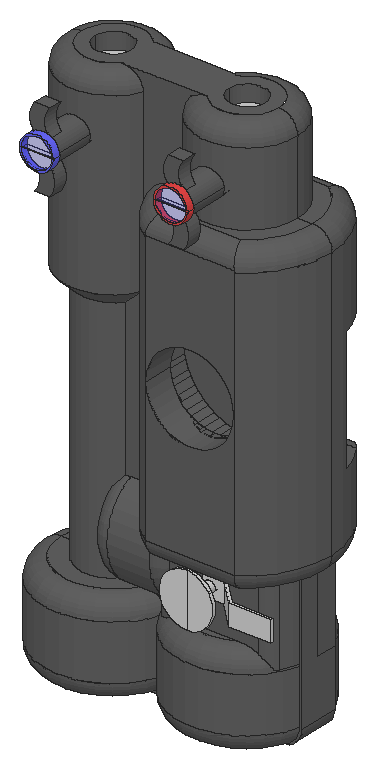
Revit family "R586RFL_151-163", category Pipe Accessories, Revit 2025
Family settings
  Round Connector Dimension = Use Diameter
  Part Type = Normal
  Work Plane-Based = No
  Always vertical = No
  Cut with Voids When Loaded = No
  Shared = No
Parameters (values of type "R586RY163")
  Series = "R586RFL"  # constant formula
  Punp visibility = no
  Nominal Diameter = 40 mm  # constant formula
  Model = Code  # "R586RY163"
  Mixing Diverting Valve Insulation = yes
  Maximum Working Temperature = -273.15 °C
  Manufacturer = "Giacomini"  # constant formula
  Flow Supply [instance] = 0.0 L/s
  Flow Return [instance] = 0.0 L/s
  Electric Actuator [instance] = no
  Description = "Gruppi premontati di distribuzione/regolazione, attacchi flangiati"  # constant formula
  Default Elevation = 0 mm
  Code = "R586RY163"
  63-53 = yes
Types (5, lengths in mm): name | Punp visibility | Model | Code | 63-53
  (no name) | no | "R586RY163" | "R586RY163" | yes
  R586RY151 | yes | "R586RY151" | "R586RY151" | no
  R586RY153 | yes | "R586RY153" | "R586RY153" | yes
  R586RY161 | no | "R586RY161" | "R586RY161" | no
  R586RY163 | no | "R586RY163" | "R586RY163" | yes
Reference planes
  plane 1 "Center (Front/Back)": y = 0
  plane 2: z = 0
  plane 3 "Center (Left/Right)": x = 0
  plane 4: x = 160
  plane 5: y = 24.5
  plane 6: y = -24.5
  plane 7: z = 592.5
  plane 8: y = -41.7
  plane 9: y = -70.041
  plane 10: z = 373.5
  plane 11: y = -91.2
  plane 12: z = 172.5
  plane 13: z = 147.5
Forms (mm)
  Revolve 1, solid, material "Black - Giacomini"
    sketch origin (0, 0, 0) x (1, 0, 0) y (0, 0, 1)
      loop
        line (-27, 0) -> (-27, 22) -> (-64.5, 22) -> (-64.5, 73.5) -> (0, 73.5) -> (0, 640.74) -> (-22, 640.74) -> (-22, 660) -> (-37.5, 660)
        arc (-37.5, 660) -> (-53.41, 653.41) -> (-60, 637.5) r 22.5
        line (-60, 637.5) -> (-60, 424.5) -> (-41, 405.5) -> (-41, 111) -> (-62, 111)
        arc (-62, 111) -> (-77.91, 104.41) -> (-84.5, 88.5) r 22.5
        line (-84.5, 88.5) -> (-84.5, 22.5)
        arc (-84.5, 22.5) -> (-77.91, 6.59) -> (-62, 0) r 22.5
        line (-62, 0) -> (-27, 0)
      axis (0, 660) -> (0, 0)
    angle from 0 to 360
  Revolve 2, solid, material "Black - Giacomini"
    sketch origin (0, 0, 0) x (1, 0, 0) y (0, 0, 1)
      loop
        line (187, 0) -> (222, 0)
        arc (222, 0) -> (237.91, 6.59) -> (244.5, 22.5) r 22.5
        line (244.5, 22.5) -> (244.5, 88.5)
        arc (244.5, 88.5) -> (237.91, 104.41) -> (222, 111) r 22.5
        line (222, 111) -> (205, 111) -> (205, 282.8) -> (217.348, 282.8) -> (217.348, 348)
        arc (217.348, 348) -> (200.53, 388.428) -> (160, 404.999) r 57
        line (160, 404.999) -> (160, 70) -> (224.5, 70) -> (224.5, 22) -> (187, 22) -> (187, 0)
      loop
        line (220, 550) -> (220, 637.5)
        arc (220, 637.5) -> (213.41, 653.41) -> (197.5, 660) r 22.5
        line (197.5, 660) -> (182, 660) -> (182, 640.7) -> (160, 640.7) -> (160, 550) -> (220, 550)
      axis (160, 660) -> (160, 0)
    angle from 0 to 360
  Extrusion 3, solid, material "Black - Giacomini"
    sketch origin (0, 0, 0) x (1, 0, 0) y (0, 0, 1)
      loop
        line (28.39, 660) -> (28.39, 620) -> (0, 620) -> (0, 85) -> (56, 85) -> (56, 0) -> (95, 0) -> (95, 90) -> (210, 90) -> (210, 75) -> (232.145, 75) -> (232.145, 15) -> (210, 15) -> (210, 0) -> (222, 0)
        arc (222, 0) -> (237.91, 6.59) -> (244.5, 22.5) r 22.5
        line (244.5, 22.5) -> (244.5, 210) -> (160, 210) -> (160, 620) -> (131.61, 620) -> (131.61, 660) -> (28.39, 660)
    from -24.5 to 24.5
  Revolve 4, solid, material "Black - Giacomini"
    sketch origin (0, 0, 0) x (1, 0, 0) y (0, 0, 1)
      loop
        line (160, 550) -> (160, 181) -> (238.5, 181)
        arc (238.5, 181) -> (254.41, 187.59) -> (261, 203.5) r 22.5
        line (261, 203.5) -> (261, 527.5)
        arc (261, 527.5) -> (254.41, 543.41) -> (238.5, 550) r 22.5
        line (238.5, 550) -> (160, 550)
      axis (160, 550) -> (160, 181)
    angle from 0 to 360
  Extrusion 5, void
    sketch origin (0, 0, 0) x (0, 1, 0) y (0, 0, 1)
      loop
        line (-64.752, 550) -> (-131.5, 550) -> (-131.5, 181) -> (-63.59, 181)
        arc (-63.59, 181) -> (-79.306, 187.51) -> (-85.816, 203.227) r 22.227
        line (-85.816, 203.227) -> (-85.816, 528.936)
        arc (-85.816, 528.936) -> (-79.647, 543.83) -> (-64.752, 550) r 21.064
      loop
        line (64, 181) -> (111.5, 181) -> (111.5, 550) -> (64, 550)
        arc (64, 550) -> (79.91, 543.41) -> (86.5, 527.5) r 22.5
        line (86.5, 527.5) -> (86.5, 453.5)
        arc (86.5, 453.5) -> (79.91, 437.59) -> (64, 431) r 22.5
        line (64, 431) -> (24.5, 431) -> (24.5, 282.9) -> (64, 282.9)
        arc (64, 282.9) -> (79.91, 276.31) -> (86.5, 260.4) r 22.5
        line (86.5, 260.4) -> (86.5, 203.5)
        arc (86.5, 203.5) -> (79.91, 187.59) -> (64, 181) r 22.5
    from 0 to 276.531
  Revolve 6, void
    sketch origin (0, 0, 373.5) x (1, 0, 0) y (0, 1, 0)
      loop
        line (160, 0) -> (160, -105) -> (212.5, -105) -> (212.5, -50) -> (237.5, -50) -> (237.5, 0) -> (160, 0)
      axis (160, 0) -> (160, -105)
    angle from 0 to 360
  Revolve 7, solid, material "Black - Giacomini", visible <- "Mixing Diverting Valve Insulation"
    sketch origin (0, 0, 0) x (1, 0, 0) y (0, 0, 1)
      loop
        line (18.95, 165.5) -> (113.95, 165.5) -> (113.95, 205)
        arc (113.95, 205) -> (107.506, 220.556) -> (91.95, 227) r 22
        line (91.95, 227) -> (40.95, 227)
        arc (40.95, 227) -> (25.393, 220.556) -> (18.95, 205) r 22
        line (18.95, 205) -> (18.95, 165.5)
      axis (18.95, 165.5) -> (113.95, 165.5)
    angle from 0 to 360
  Revolve 8, solid, material "Stainless Steel - Giacomini", visible <- "63-53"
    sketch origin (160, 0, 0) x (0, 1, 0) y (0, 0, 1)
      loop
        line (0, 167.5) -> (-88.2, 167.5) -> (-88.2, 192.5) -> (-91.2, 192.5) -> (-91.2, 160.5) -> (0, 160.5) -> (0, 167.5)
      axis (-91.2, 160.5) -> (0, 160.5)
    angle from 0 to 360
  Extrusion 9, solid, material "Black - Giacomini", visible <- "63-53"
    sketch origin (0, 0, 0) x (1, 0, 0) y (0, 1, 0)
      loop
        arc (109.526, 45.891) -> (95.384, 40.033) -> (89.526, 25.891) r 20
        line (89.526, 25.891) -> (89.526, -33)
        arc (89.526, -33) -> (95.384, -47.142) -> (109.526, -53) r 20
        line (109.526, -53) -> (215.494, -53)
        arc (215.494, -53) -> (225.382, -50.385) -> (232.684, -43.222) r 20
        arc (232.684, -43.222) -> (241.54, -22.413) -> (244.564, 0) r 84.564
        line (244.564, 0) -> (244.564, 24.5) -> (222.381, 24.5) -> (222.381, 25.891)
        arc (222.381, 25.891) -> (216.523, 40.033) -> (202.381, 45.891) r 20
        line (202.381, 45.891) -> (109.526, 45.891)
    from 90.536 to 196
  Extrusion 10, solid, material "Stainless Steel - Giacomini", visible <- "63-53"
    sketch origin (0, 0, 0) x (1, 0, 0) y (0, 1, 0)
      loop
        line (152.221, -54.6) -> (152.221, -57.6) -> (177.557, -57.6) -> (207.557, -87.6) -> (258.357, -87.6) -> (258.357, -84.6) -> (208.8, -84.6) -> (178.8, -54.6) -> (152.221, -54.6)
    from 147.5 to 172.5
Cuts and joins
  Revolve 6 cuts Revolve 1
  Revolve 6 cuts Revolve 2
  Revolve 6 cuts Extrusion 3
  joined: Revolve 1, Revolve 2, Extrusion 3
  Extrusion 5, Revolve 6 cuts Revolve 4
Dimensions and locks
  locked: Revolve 2 sketch curve to Revolve 2 sketch curve at 84.5
  locked: plane 4 to plane 3 "Center (Left/Right)" at 160
  locked: Revolve 2 sketch curve to Revolve 2 sketch curve at 45
  Revolve 2 sketch curve to Revolve 2 sketch curve = 57.348 mm
  locked: Revolve 2 sketch curve to Revolve 2 sketch curve at 60
  locked: Revolve 1 sketch curve to Revolve 1 sketch curve at 111
  locked: Revolve 1 sketch curve to Revolve 1 sketch curve at 294.5
  locked: Revolve 1 sketch curve to Revolve 1 sketch curve at 660
  locked: Revolve 2 sketch curve to Revolve 2 sketch curve at 111
  locked: Revolve 2 sketch curve to level at 660
  locked: plane 4 to Extrusion 3 sketch curve at 84.5
  locked: Revolve 2 sketch curve to level at 550
  locked: Revolve 2 sketch curve to level at 282.8
  locked: Revolve 4 sketch curve to Revolve 2 sketch curve at 101
  locked: Revolve 4 sketch curve to Revolve 4 sketch curve at 101
  locked: Revolve 4 sketch curve to level at 181
  locked: Revolve 4 sketch curve to Revolve 4 sketch curve at 369
  locked: plane 5 to plane 6 at 49
  equal spacing: plane 5, plane 1 "Center (Front/Back)", plane 6
  locked: level to Extrusion 5 sketch curve at 181
  locked: plane 7 to level at 592.5
  locked: plane 8 to plane 1 "Center (Front/Back)" at 41.7
  locked: plane 9 to plane 1 "Center (Front/Back)" at 70.041
  locked: plane 10 to level at 373.5
  locked: Revolve 7 sketch curve to level at 165.5
  locked: Revolve 7 sketch curve to Revolve 7 sketch curve at 61.5
  locked: plane 11 to plane 1 "Center (Front/Back)" at 91.2
  locked: level to Revolve 8 sketch curve at 160.5
  locked: Revolve 8 sketch curve to Revolve 8 sketch curve at 7
  locked: Revolve 8 sketch curve to Revolve 8 sketch curve at 32
  locked: Extrusion 9 sketch curve to plane 1 "Center (Front/Back)" at 45.891
  locked: plane 1 "Center (Front/Back)" to Extrusion 9 sketch curve at 53
  locked: Extrusion 10 sketch curve to Extrusion 10 sketch curve at 3  (x3)
  locked: plane 12 to plane 13 at 25
  locked: Revolve 8 sketch curve to Revolve 8 sketch curve at 3
  locked: Revolve 1 sketch curve to Revolve 1 sketch curve at 22
  radius of Revolve 2 sketch curve = 57 mm
  aligned and locked: level to plane 2
  aligned and locked: Revolve 1 sketch curve to plane 3 "Center (Left/Right)"
  aligned and locked: plane 4 to Revolve 2 sketch curve  (x2)
  aligned and locked: Revolve 2 sketch curve to Revolve 2 sketch curve
  aligned and locked: level to Extrusion 3 sketch curve
  aligned and locked: plane 3 "Center (Left/Right)" to Extrusion 3 sketch curve
  aligned and locked: plane 4 to Extrusion 3 sketch curve
  aligned and locked: Revolve 4 sketch curve to Extrusion 3
  aligned and locked: plane 5 to Extrusion 3
  aligned and locked: Extrusion 3 to plane 6
  aligned and locked: Extrusion 5 sketch curve to Extrusion 5 sketch curve
  aligned and locked: Extrusion 5 to plane 3 "Center (Left/Right)"
  aligned and locked: nested 2 to plane 3 "Center (Left/Right)"
  aligned and locked: plane 4 to nested 1
  aligned and locked: plane 7 to nested 2
  aligned and locked: nested 1 to plane 7
  aligned and locked: nested 1 to plane 8
  aligned and locked: nested 2 to plane 8
  aligned and locked: nested 3 to plane 9  (x2)
  aligned and locked: plane 10 to cut or joined group of Revolve 4, Extrusion 5, Revolve 6
  aligned and locked: plane 10 to nested 3
  aligned and locked: nested 3 to plane 4
  aligned and locked: Revolve 7 sketch curve to Revolve 7 sketch curve
  aligned and locked: plane 11 to nested 4
  aligned and locked: plane 4 to Revolve 8
  aligned and locked: plane 12 to Extrusion 10
  aligned and locked: Extrusion 10 to plane 13
Automatic sketch dimensions
  Revolve 4 sketch curve to Revolve 4 sketch curve = 22.5 mm  (x2)
  Revolve 4 sketch curve to Revolve 4 sketch curve = 45 mm
  Revolve 4 sketch curve to Revolve 4 sketch curve = 50 mm
  Extrusion 5 sketch curve to plane 5 = 0 mm
  Extrusion 5 sketch curve to plane 6 = 39.09 mm
  Extrusion 5 sketch curve to plane 6 = 40.252 mm
  Extrusion 5 sketch curve to Extrusion 5 sketch curve = 21.064 mm
  Extrusion 5 sketch curve to Extrusion 5 sketch curve = 45.684 mm
  plane 5 to Extrusion 5 sketch curve = 39.5 mm  (x4)
  Extrusion 5 sketch curve to Extrusion 5 sketch curve = 22.5 mm  (x2)
  Extrusion 5 sketch curve to Extrusion 5 sketch curve = 25 mm
  Extrusion 5 sketch curve to Extrusion 5 sketch curve = 56.9 mm
  Extrusion 5 sketch curve to Extrusion 5 sketch curve = 148.1 mm
  Extrusion 5 sketch curve to Extrusion 5 sketch curve = 74 mm
  Extrusion 5 sketch curve to Extrusion 5 sketch curve = 1.436 mm
  plane 1 "Center (Front/Back)" to Revolve 6 sketch curve = 0 mm
  Revolve 6 sketch curve to plane 4 = 0 mm  (x2)
  Revolve 6 sketch curve to plane 6 = 25.5 mm
  Revolve 6 sketch curve to plane 4 = 52.5 mm
  Revolve 6 sketch curve to Revolve 6 sketch curve = 25 mm  (x2)
  Revolve 6 sketch curve to Revolve 6 sketch curve = 55 mm
  Revolve 6 sketch curve to Revolve 6 sketch curve = 15 mm
  plane 3 "Center (Left/Right)" to Revolve 7 sketch curve = 18.95 mm
  Revolve 7 sketch curve to Revolve 7 sketch curve = 22 mm
  Revolve 7 sketch curve to Revolve 7 sketch curve = 51 mm
  plane 4 to Revolve 7 sketch curve = 46.05 mm
  plane 4 to Revolve 7 sketch curve = 16.05 mm
  Revolve 7 sketch curve to plane 4 = 58.95 mm
  Revolve 8 sketch curve to plane 11 = 0 mm
  Revolve 8 sketch curve to plane 1 "Center (Front/Back)" = 0 mm
  Revolve 8 sketch curve to plane 8 = 6.7 mm
  Revolve 8 sketch curve to plane 5 = 4.5 mm
  Revolve 8 sketch curve to Revolve 8 sketch curve = 0 mm
  plane 1 "Center (Front/Back)" to Extrusion 9 sketch curve = 0 mm
  Extrusion 9 sketch curve to plane 4 = 0 mm
  Extrusion 9 sketch curve to plane 5 = 0 mm
  Extrusion 9 sketch curve to plane 6 = 8.5 mm  (x2)
  plane 4 to Extrusion 9 sketch curve = 50.474 mm
  Extrusion 9 sketch curve to Extrusion 9 sketch curve = 20 mm  (x2)
  Extrusion 9 sketch curve to plane 4 = 42.381 mm
  Extrusion 9 sketch curve to plane 4 = 55.494 mm
  Extrusion 9 sketch curve to Extrusion 9 sketch curve = 22.183 mm
  plane 4 to Extrusion 10 sketch curve = 7.779 mm
  Extrusion 10 sketch curve to plane 4 = 17.557 mm
  plane 8 to Extrusion 10 sketch curve = 12.9 mm
  Extrusion 10 sketch curve to Extrusion 10 sketch curve = 1.243 mm
  plane 11 to Extrusion 10 sketch curve = 3.6 mm
  Extrusion 10 sketch curve to Extrusion 10 sketch curve = 49.557 mm
  Revolve 1 sketch curve to level = 0 mm
  Revolve 1 sketch curve to plane 3 "Center (Left/Right)" = 0 mm
  Revolve 1 sketch curve to plane 3 "Center (Left/Right)" = 22 mm
  Revolve 1 sketch curve to plane 3 "Center (Left/Right)" = 27 mm
  Revolve 1 sketch curve to Revolve 1 sketch curve = 15.5 mm
  Revolve 1 sketch curve to plane 3 "Center (Left/Right)" = 41 mm
  Revolve 1 sketch curve to Revolve 1 sketch curve = 23.5 mm
  Revolve 1 sketch curve to Revolve 1 sketch curve = 19 mm  (x2)
  Revolve 1 sketch curve to Revolve 1 sketch curve = 2.5 mm  (x2)
  Revolve 1 sketch curve to Revolve 1 sketch curve = 0.5 mm
  Revolve 1 sketch curve to Revolve 1 sketch curve = 37.5 mm
  Revolve 1 sketch curve to Revolve 1 sketch curve = 19.26 mm
  Revolve 1 sketch curve to level = 30 mm
  Revolve 1 sketch curve to Revolve 1 sketch curve = 18.5 mm
  Revolve 2 sketch curve to level = 0 mm
  Revolve 2 sketch curve to plane 4 = 22 mm
  Revolve 2 sketch curve to Revolve 2 sketch curve = 15.5 mm
  level to Revolve 2 sketch curve = 22.5 mm
  Revolve 2 sketch curve to Revolve 2 sketch curve = 17 mm
  Revolve 2 sketch curve to plane 10 = 25.5 mm
  Revolve 2 sketch curve to Revolve 2 sketch curve = 19.3 mm
  Revolve 2 sketch curve to Revolve 2 sketch curve = 2.5 mm
  Revolve 2 sketch curve to level = 40 mm
  Revolve 2 sketch curve to Revolve 2 sketch curve = 0.5 mm
  Revolve 2 sketch curve to Revolve 2 sketch curve = 18.5 mm
  Revolve 2 sketch curve to Revolve 2 sketch curve = 0 mm
  Revolve 2 sketch curve to plane 4 = 27 mm
  Extrusion 3 sketch curve to level = 0 mm
  plane 3 "Center (Left/Right)" to Extrusion 3 sketch curve = 28.39 mm
  plane 3 "Center (Left/Right)" to Extrusion 3 sketch curve = 56 mm
  Extrusion 3 sketch curve to Extrusion 3 sketch curve = 39 mm
  plane 4 to Extrusion 3 sketch curve = 28.39 mm
  Extrusion 3 sketch curve to Extrusion 3 sketch curve = 34.5 mm
  Extrusion 3 sketch curve to plane 4 = 50 mm
  Extrusion 3 sketch curve to Extrusion 3 sketch curve = 12 mm
  Extrusion 3 sketch curve to Extrusion 3 sketch curve = 10.145 mm
  Extrusion 3 sketch curve to Extrusion 3 sketch curve = 7.5 mm
  Extrusion 3 sketch curve to Extrusion 3 sketch curve = 52.5 mm
  Extrusion 3 sketch curve to plane 13 = 62.5 mm
  Extrusion 3 sketch curve to Extrusion 3 sketch curve = 5 mm
  plane 12 to Extrusion 3 sketch curve = 37.5 mm
  plane 7 to Extrusion 3 sketch curve = 27.5 mm  (x2)
  Extrusion 3 sketch curve to Extrusion 3 sketch curve = 40 mm
Nested families
  nested 1: "Temperature_gauge" at (160, -41.7, 592.5) x (-1, 0, 0) z (0, -1, 0), type "Hot"
  nested 2: "Temperature_gauge" at (0, -41.7, 592.5) x (-1, 0, 0) z (0, -1, 0), type "Cold"
  nested 3: "Wilo_pump" at (160, -70.041, 373.5) x (0, 0, 1) z (0, -1, 0), visible <- "Punp visibility", type "Wilo_pump"
  nested 4: "K274-1" at (160, -91.2, 160) x (-1, 0, 0) z (0, -1, 0), visible <- "Electric Actuator", type "24V"
Connectors
  piping at (0, 0, 640.74), diameter 40, driven by "Nominal Diameter", driven by "Flow Return"
    settings: on cut or joined group of Revolve 1, Revolve 2, Extrusion 3, Revolve 6, index 1, connector inside diameter 609.6 mm, connector length 0 mm, flow factor 0, pipe flow 0.0 L/s, pressure drop 0.0 Pa, fitting loss kfactor 0, connector angle 0.00°, fixture units 0, engagement length 0 mm, angle of deflection 0.00°, flow configuration 0, flow direction 1, fitting loss method 0, system type 8, joint type 0, gender type 0, connector reference index -1, connector utility 0, adjustable connector no, is connector primary yes, connector description ""
  piping at (160, 0, 640.7), diameter 40, driven by "Nominal Diameter", driven by "Flow Supply"
    settings: on cut or joined group of Revolve 1, Revolve 2, Extrusion 3, Revolve 6, index 2, connector inside diameter 609.6 mm, connector length 0 mm, flow factor 0, pipe flow 0.0 L/s, pressure drop 0.0 Pa, fitting loss kfactor 0, connector angle 0.00°, fixture units 0, engagement length 0 mm, angle of deflection 0.00°, flow configuration 0, flow direction 2, fitting loss method 0, system type 7, joint type 0, gender type 0, connector reference index -1, connector utility 0, adjustable connector no, is connector primary no, connector description ""
  piping at (0, 0, 73.5), diameter 40, driven by "Nominal Diameter", driven by "Flow Return"
    settings: on cut or joined group of Revolve 1, Revolve 2, Extrusion 3, Revolve 6, index 4, connector inside diameter 609.6 mm, connector length 0 mm, flow factor 0, pipe flow 0.0 L/s, pressure drop 0.0 Pa, fitting loss kfactor 0, connector angle 0.00°, fixture units 0, engagement length 0 mm, angle of deflection 0.00°, flow configuration 1, flow direction 2, fitting loss method 0, system type 8, joint type 0, gender type 0, connector reference index -1, connector utility 0, adjustable connector no, is connector primary no, connector description ""
  piping at (160, 0, 70), diameter 40, driven by "Nominal Diameter", driven by "Flow Supply"
    settings: on cut or joined group of Revolve 1, Revolve 2, Extrusion 3, Revolve 6, index 5, connector inside diameter 609.6 mm, connector length 0 mm, flow factor 0, pipe flow 0.0 L/s, pressure drop 0.0 Pa, fitting loss kfactor 0, connector angle 0.00°, fixture units 0, engagement length 0 mm, angle of deflection 0.00°, flow configuration 1, flow direction 1, fitting loss method 0, system type 7, joint type 0, gender type 0, connector reference index -1, connector utility 0, adjustable connector no, is connector primary no, connector description ""
Definition of nested family "Temperature_gauge"
  Parameters (values of type "Hot")
    Gauge Color = none
    Default Elevation = 1219.2 mm
  Types (2): name
    Cold
    Hot
  Reference planes
    plane 1 "Center (Front/Back)": y = 0
    plane 2: z = 0
    plane 3 "Center (Left/Right)": x = 0
    plane 4: z = 64
    plane 5: z = 48
    plane 6: z = 73
  Forms (mm)
    Extrusion 1, solid
      sketch origin (0, 0, 0) x (1, 0, 0) y (0, 1, 0)
        loop
          circle (0, 0) r 17.4
      from 0 to 64
    Extrusion 2, solid
      sketch origin (0, 0, 0) x (1, 0, 0) y (0, 1, 0)
        loop
          arc (-9, 47.5) -> (-15.048, 31.196) -> (-9, 14.892) r 25
          arc (-9, 14.892) -> (0, 17.4) -> (9, 14.892) r 17.4
          arc (9, 14.892) -> (2.952, 31.196) -> (9, 47.5) r 25
          line (9, 47.5) -> (-9, 47.5)
        loop
          arc (9, -47.5) -> (15.048, -31.196) -> (9, -14.892) r 25
          arc (9, -14.892) -> (0, -17.4) -> (-9, -14.892) r 17.4
          arc (-9, -14.892) -> (-2.952, -31.196) -> (-9, -47.5) r 25
          line (-9, -47.5) -> (9, -47.5)
      from 48 to 64
    Revolve 3, solid, material <- "Gauge Color"
      sketch origin (0, 0, 0) x (1, 0, 0) y (0, 0, 1)
        loop
          line (18, 73) -> (18, 65.648) -> (0, 65.648) -> (0, 64) -> (20, 64) -> (20, 73) -> (18, 73)
        axis (0, 73) -> (0, 64)
      angle from 0 to 360
    Revolve 4, solid
      sketch origin (0, 0, 0) x (1, 0, 0) y (0, 0, 1)
        loop
          line (0, 73) -> (0, 71) -> (18, 71) -> (18, 73) -> (0, 73)
        axis (0, 71) -> (0, 73)
      angle from 0 to 360
  Cuts and joins
    joined: Extrusion 1, Extrusion 2
  Dimensions and locks
    locked: plane 4 to level at 64
    locked: plane 4 to plane 5 at 16
    locked: plane 6 to plane 4 at 9
    locked: Revolve 3 sketch curve to Revolve 3 sketch curve at 20
    locked: Revolve 3 sketch curve to Revolve 3 sketch curve at 2
    aligned and locked: level to plane 2
    aligned and locked: plane 4 to Extrusion 1
    aligned and locked: plane 4 to Extrusion 2
    aligned and locked: Extrusion 2 to plane 5
    aligned and locked: plane 3 "Center (Left/Right)" to Revolve 3 sketch curve
    aligned and locked: Revolve 3 sketch curve to plane 3 "Center (Left/Right)"
    aligned and locked: plane 3 "Center (Left/Right)" to Revolve 4 sketch curve
Definition of nested family "Wilo_pump"
  Parameters (values of type "Wilo_pump")
    Default Elevation = 1219.2 mm
  Reference planes
    plane 1 "Center (Front/Back)": y = 0
    plane 2: z = 0
    plane 3 "Center (Left/Right)": x = 0
    plane 4: z = 160
    plane 5: y = 69
    plane 6: y = -69
  Forms (mm)
    Extrusion 1, solid
      sketch origin (0, 0, 0) x (1, 0, 0) y (0, 1, 0)
        loop
          circle (0, 0) r 61
      from 0 to 160
    Extrusion 2, solid
      sketch origin (0, 0, 0) x (1, 0, 0) y (0, 0, 1)
        loop
          line (-109, 160) -> (61.5, 160) -> (61.5, 100) -> (101.164, 100) -> (109.296, 241.959) -> (-109, 241.959) -> (-109, 160)
      from -69 to 69
  Lines and regions (mm)
    Split face 1
      outline origin (0, 0, 241.959) x (-1, 0, 0) y (0, -1, 0)
        loop
          line (109, -53.25) -> (-36, -53.25) -> (-36, 53.25) -> (109, 53.25)
  Dimensions and locks
    locked: plane 4 to level at 160
    locked: plane 5 to plane 6 at 138
    equal spacing: plane 5, plane 1 "Center (Front/Back)", plane 6
    Split face 1 sketch curve to Split face 1 sketch curve = 106.5 mm
    equal spacing: Split face 1 sketch curve, plane 1 "Center (Front/Back)", Split face 1 sketch curve
    aligned and locked: level to plane 2
    aligned and locked: plane 4 to Extrusion 1
    aligned and locked: plane 5 to Extrusion 2
    aligned and locked: Extrusion 2 to plane 6
  Automatic sketch dimensions
    plane 1 "Center (Front/Back)" to Extrusion 1 sketch curve = 0 mm
    Extrusion 1 sketch curve to plane 3 "Center (Left/Right)" = 0 mm
    Extrusion 2 sketch curve to plane 4 = 0 mm
    Extrusion 2 sketch curve to plane 3 "Center (Left/Right)" = 109 mm
    plane 3 "Center (Left/Right)" to Extrusion 2 sketch curve = 61.5 mm
    Extrusion 2 sketch curve to Extrusion 2 sketch curve = 39.664 mm
    Extrusion 2 sketch curve to Extrusion 2 sketch curve = 47.796 mm
    Extrusion 2 sketch curve to plane 4 = 60 mm
    plane 4 to Extrusion 2 sketch curve = 81.959 mm
    Split face 1 sketch curve to Extrusion 2 = 0 mm  (x2)
    Split face 1 sketch curve to Extrusion 2 = 145 mm
    Split face 1 sketch curve to Extrusion 2 = 15.75 mm
    radius of Extrusion 1 sketch curve = 61 mm
Definition of nested family "K274-1"
  Parameters (values of type "24V")
    Series = "K274-1"  # constant formula
    Model = "24V"
    Manufacturer = "Giacomini"  # constant formula
    Description = "Attuatore per gruppi R586RFL"  # constant formula
    Default Elevation = 1219.2 mm
    Code = "K274Y103"
  Reference planes
    plane 1 "Center (Front/Back)": y = 0
    plane 2: z = 0
    plane 3 "Center (Left/Right)": x = 0
    plane 4: z = 61.5
    plane 5: x = 15.5
  Forms (mm)
    Extrusion 1, solid
      sketch origin (0, 0, 0) x (1, 0, 0) y (0, 1, 0)
        loop
          line (-28, -36) -> (28, -36)
          arc (28, -36) -> (35.071, -33.071) -> (38, -26) r 10
          line (38, -26) -> (38, 56.5)
          arc (38, 56.5) -> (0, 94.5) -> (-38, 56.5) r 38
          line (-38, 56.5) -> (-38, -26)
          arc (-38, -26) -> (-35.071, -33.071) -> (-28, -36) r 10
      from 0 to 61.5
    Extrusion 2, void
      sketch origin (0, 0, 0) x (0, 1, 0) y (0, 0, 1)
        loop
          line (-41, 41.5) -> (-36, 41.5)
          arc (-36, 41.5) -> (-30.142, 55.642) -> (-16, 61.5) r 20
          line (-16, 61.5) -> (-16, 66.5) -> (-41, 66.5) -> (-41, 41.5)
      from -38 to 38
    Revolve 3, solid
      sketch origin (0, 0, 0) x (1, 0, 0) y (0, 0, 1)
        loop
          line (0, 61.5) -> (21.3, 61.5) -> (21.3, 65.922)
          arc (21.3, 65.922) -> (20.316, 68.393) -> (18, 69.7) r 4
          line (18, 69.7) -> (0, 69.7) -> (0, 61.5)
        axis (0, 61.5) -> (0, 69.7)
      angle from 0 to 360
    Revolve 4, solid
      sketch origin (15.5, 0, 0) x (0, 1, 0) y (0, 0, 1)
        loop
          line (54.7, 61.5) -> (62, 61.5) -> (62, 68)
          arc (62, 68) -> (61.414, 69.414) -> (60, 70) r 2
          line (60, 70) -> (54.7, 70) -> (54.7, 61.5)
        axis (54.7, 70) -> (54.7, 61.5)
      angle from 0 to 360
  Cuts and joins
    Extrusion 2 cuts Extrusion 1
  Dimensions and locks
    locked: plane 4 to level at 61.5
    locked: Revolve 4 sketch curve to Revolve 4 sketch curve at 7.3
    plane 1 "Center (Front/Back)" to Revolve 4 sketch curve = 54.7 mm
    locked: plane 3 "Center (Left/Right)" to plane 5 at 15.5
    aligned and locked: level to plane 2
    aligned and locked: plane 4 to Extrusion 1
    aligned and locked: Revolve 3 sketch curve to plane 3 "Center (Left/Right)"
    aligned and locked: plane 3 "Center (Left/Right)" to Revolve 3 sketch curve
    aligned and locked: Revolve 4 sketch curve to Revolve 4 sketch curve
    aligned and locked: plane 5 to Revolve 4
